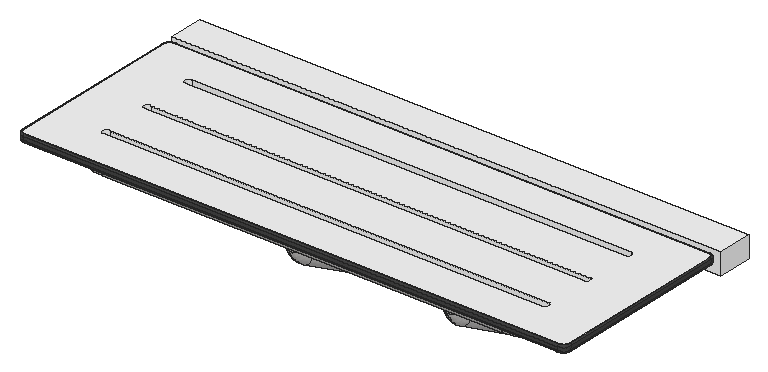
Revit family "Shower Seat_Metlam_Folding_Guide Bracket", category Specialty Equipment, Revit 2016
Family settings
  Part Type = Normal
  Round Connector Dimension = Use Diameter
  OmniClass Number = 23.45.05.14.11.17
  OmniClass Title = Shower/Bath Seats
  Work Plane-Based = No
  Always vertical = Yes
  Cut with Voids When Loaded = No
  Shared = No
  Room Calculation Point = Yes
Parameters (values of type "960w x 400d x 295h (ML994)")
  URL = "http://www.metlam.com.au/"
  Type Comments = "Shower Seats"  # constant formula
  Model = "ML994"
  Material_ANZRS = z_Metlam_White
  Frame_Material = z_Metlam_Metal_Stainless Steel_Satin
  Manufacturer_URL__Product Specific = "https://metlam.com.au/product/content/shower-seats-shower-related/ML994_CL"
  Manufacturer_Spec Code = Model  # "ML994"
  Manufacturer_Overall Width = 960 mm  # constant formula
  Manufacturer_Overall Height = 295 mm  # constant formula
  Manufacturer_Overall Depth = 400 mm  # constant formula
  Manufacturer_Height From FFL [instance] = 475 mm
  Manufacturer = "Metlam"  # constant formula
  Keynote = ""
  Seat Edge_Material = z_Metlam_Black
  Description = "Folding Shower Seat"  # constant formula
  CreatedBy_ANZRS = "IGS BIM Solutions"  # constant formula
  CreatedByURL_ANZRS = "http://www.igsgroup.com.au/"
  Assembly Code = ""
Reference planes
  plane 1 "Ref. Level": z = 0
  plane 2 "Front": y = -620.9
  plane 3 "Center (Left/Right)": x = -194.828
  plane 4 "Top": z = 475
  plane 5 "Right": x = 285.172
  plane 6 "Bottom": z = 180
  plane 7 "Left": x = -674.828
  plane 8 "Back": y = -220.9
  plane 9 "Center (Front/Back)": y = -420.9
Forms (mm)
  Extrusion 1, solid, material "z_Metlam_White" <- "Material_ANZRS"
    sketch origin (0, 0.625, 475) x (-1, 0, 0) y (0, -1, 0)
      loop
        arc (578.106, 359.271) -> (584.63, 365.794) -> (578.106, 372.318) r 6.524
        line (578.106, 372.318) -> (-189.971, 372.318)
        arc (-189.971, 372.318) -> (-196.495, 365.794) -> (-189.971, 359.271) r 6.524
        line (-189.971, 359.271) -> (578.106, 359.271)
      loop
        arc (578.129, 449.264) -> (584.65, 455.785) -> (578.129, 462.306) r 6.521
        line (578.129, 462.306) -> (-189.948, 462.306)
        arc (-189.948, 462.306) -> (-196.469, 455.785) -> (-189.948, 449.264) r 6.521
        line (-189.948, 449.264) -> (578.129, 449.264)
      loop
        arc (578.106, 539.052) -> (584.627, 545.572) -> (578.106, 552.093) r 6.521
        line (578.106, 552.093) -> (-189.971, 552.093)
        arc (-189.971, 552.093) -> (-196.492, 545.572) -> (-189.971, 539.052) r 6.521
        line (-189.971, 539.052) -> (578.106, 539.052)
      loop
        arc (-272.649, 619.025) -> (-279.72, 616.096) -> (-282.649, 609.025) r 10
        line (-282.649, 609.025) -> (-282.649, 303.4)
        arc (-282.649, 303.4) -> (-279.72, 296.328) -> (-272.649, 293.4) r 10
        line (-272.649, 293.4) -> (662.328, 293.4)
        arc (662.328, 293.4) -> (669.399, 296.328) -> (672.328, 303.4) r 10
        line (672.328, 303.4) -> (672.328, 609.025)
        arc (672.328, 609.025) -> (669.399, 616.096) -> (662.328, 619.025) r 10
        line (662.328, 619.025) -> (-272.649, 619.025)
    from -13.021 to 0
  Sweep 2, solid, material "z_Metlam_Metal_Stainless Steel_Satin" <- "Frame_Material"
    path origin (-560.269, 0.218, 10.534) x (0, 0, 1) y (0, -1, 0)
      loop
        line (457.98, 491.071) -> (327.089, 439.738)
        arc (327.089, 439.738) -> (312.559, 430.94) -> (301.812, 417.785) r 50
        line (301.812, 417.785) -> (212.716, 260.085)
    profile origin (-560.269, -465.187, 403.069) x (0, 0.930965, 0.365108) y (1, 0, 0)
      loop
        circle (0, 227.941) r 12.5
  Sweep 3, solid, material "z_Metlam_Metal_Stainless Steel_Satin" <- "Frame_Material"
    path origin (170.613, 0.218, 10.534) x (0, 0, 1) y (0, 1, 0)
      loop
        line (457.98, -491.071) -> (327.089, -439.738)
        arc (327.089, -439.738) -> (312.559, -430.94) -> (301.812, -417.785) r 50
        line (301.812, -417.785) -> (212.716, -260.085)
    profile origin (170.613, -465.187, 403.069) x (0, -0.930965, -0.365108) y (-1, 0, 0)
      loop
        circle (0, 227.941) r 12.5
  Extrusion 4, solid, material "z_Metlam_Metal_Stainless Steel_Satin" <- "Frame_Material"
    sketch origin (-157.328, 0, 24.4) x (0, 0, 1) y (0, 1, 0)
      loop
        line (253.731, -323.479) -> (373.208, -323.479)
        arc (373.208, -323.479) -> (375.946, -322.345) -> (377.081, -319.606) r 3.873
        line (377.081, -319.606) -> (377.081, -227.397)
        arc (377.081, -227.397) -> (378.379, -224.262) -> (381.514, -222.964) r 4.434
        line (381.514, -222.964) -> (400.121, -222.964) -> (400.121, -220.9) -> (381.514, -220.9)
        arc (381.514, -220.9) -> (376.965, -222.784) -> (375.081, -227.333) r 6.434
        line (375.081, -227.333) -> (375.081, -290.618) -> (266.067, -290.618)
        arc (266.067, -290.618) -> (264.133, -290.273) -> (262.437, -289.282) r 5.603
        line (262.437, -289.282) -> (207.132, -242.241)
        arc (207.132, -242.241) -> (202.066, -237.271) -> (197.755, -231.633) r 50
        line (197.755, -231.633) -> (194.226, -226.268)
        arc (194.226, -226.268) -> (188.347, -221.448) -> (180.771, -220.82) r 12.777
        arc (180.771, -220.82) -> (178.068, -221.268) -> (175.331, -221.419) r 25
        line (175.331, -221.419) -> (155.6, -221.419) -> (155.6, -223.212) -> (170.124, -223.212)
        arc (170.124, -223.212) -> (170.667, -223.567) -> (170.877, -224.181) r 1
        line (170.877, -224.181) -> (170.877, -238.876)
        arc (170.877, -238.876) -> (172.168, -245.366) -> (175.844, -250.868) r 16.959
        line (175.844, -250.868) -> (244.959, -319.982)
        arc (244.959, -319.982) -> (249.01, -322.573) -> (253.731, -323.479) r 12.753
    from 0 to 75
  Extrusion 5, solid, material "z_Metlam_White" <- "Material_ANZRS"
    sketch origin (285.172, 0, 0) x (0, 0, 1) y (0, 1, 0)
      loop
        line (475, -280.723) -> (475, -220.9) -> (437.118, -220.9) -> (437.118, -280.723) -> (475, -280.723)
    from 0 to 960
  Extrusion 6, solid, material "z_Metlam_Metal_Stainless Steel_Satin" <- "Frame_Material"
    sketch origin (-157.328, 0, -18.335) x (0, 0, 1) y (0, 1, 0)
      loop
        line (308.496, -290.631) -> (358.318, -290.631) -> (358.318, -256.752) -> (308.496, -256.752) -> (308.496, -290.631)
    from 0 to 75
  Sweep 7, solid, material "z_Metlam_Metal_Stainless Steel_Satin" <- "Frame_Material"
    path origin (0, 0, 475) x (-1, 0, 0) y (0, -1, 0)
      loop
        line (624.828, 280.723) -> (624.828, 505.275)
        arc (624.828, 505.275) -> (601.397, 561.843) -> (544.828, 585.275) r 80
        line (544.828, 585.275) -> (-155.149, 585.275)
        arc (-155.149, 585.275) -> (-211.717, 561.843) -> (-235.149, 505.275) r 80
        line (-235.149, 505.275) -> (-235.149, 280.723)
    profile origin (-624.828, -392.999, 475) x (1, 0, 0) y (0, 0, 1)
      loop
        circle (0, -25.527) r 12.5
  Sweep 8, solid, material "z_Metlam_Black" <- "Seat Edge_Material"
    path in 3D
      loop
        arc (272.649, -618.4, 475) -> (279.72, -615.471, 475) -> (282.649, -608.4, 475) r 10
        line (282.649, -608.4, 475) -> (282.649, -302.775, 475)
        arc (282.649, -302.775, 475) -> (279.72, -295.703, 475) -> (272.649, -292.775, 475) r 10
        line (272.649, -292.775, 475) -> (-662.328, -292.775, 475)
        arc (-662.328, -292.775, 475) -> (-669.399, -295.703, 475) -> (-672.328, -302.775, 475) r 10
        line (-672.328, -302.775, 475) -> (-672.328, -608.4, 475)
        arc (-672.328, -608.4, 475) -> (-669.399, -615.471, 475) -> (-662.328, -618.4, 475) r 10
        line (-662.328, -618.4, 475) -> (272.649, -618.4, 475)
    profile origin (-194.84, -618.4, 475) x (0, 1, 0) y (0, 0, 1)
      loop
        arc (0, 0) -> (-1.811, -1.349) -> (-2.5, -3.5) r 3.7
        line (-2.5, -3.5) -> (-2.5, -9.539)
        arc (-2.5, -9.539) -> (-1.81, -11.674) -> (0, -13) r 3.645
        line (0, -13) -> (0, 0)
  Extrusion 9, void
    sketch origin (-624.828, -392.999, 475) x (1, 0, 0) y (0, 0, 1)
      loop
        circle (451, -60.53) r 4
      loop
        circle (409, -60.53) r 4
      loop
        circle (409, -287.388) r 4.004
      loop
        circle (451, -287.388) r 4.004
    from -178.572 to -159.775
  Sweep 10, solid, material "z_Metlam_Metal_Stainless Steel_Satin" <- "Frame_Material"
    path origin (285.172, -259.886, 223.261) x (0, 0.869822, -0.493366) y (-1, 0, 0)
      loop
        line (0, 617.5) -> (18.116, 617.5)
        arc (18.116, 617.5) -> (27.131, 613.766) -> (30.866, 604.75) r 12.75
        line (30.866, 604.75) -> (30.866, 355.25)
        arc (30.866, 355.25) -> (27.131, 346.234) -> (18.116, 342.5) r 12.75
        line (18.116, 342.5) -> (0, 342.5)
    profile origin (-332.328, -252.007, 218.792) x (-1, 0, 0) y (0, 0.493366, 0.869822)
      loop
        circle (0, 0) r 12.5
Cuts and joins
  Extrusion 9 cuts Extrusion 4
Lines and regions (mm)
  Masking region 1
    outline origin (0, 0, 475) x (-1, 0, 0) y (0, -1, 0)
      loop
        line (674.828, 220.9) -> (674.828, 280.723) -> (637.328, 280.723) -> (637.328, 290.275) -> (662.418, 290.275)
        arc (662.418, 290.275) -> (671.193, 293.909) -> (674.828, 302.685) r 12.41
        line (674.828, 302.685) -> (674.828, 608.507)
        arc (674.828, 608.507) -> (671.199, 617.27) -> (662.436, 620.9) r 12.392
        line (662.436, 620.9) -> (-272.772, 620.9)
        arc (-272.772, 620.9) -> (-281.54, 617.268) -> (-285.172, 608.5) r 12.4
        line (-285.172, 608.5) -> (-285.172, 302.675)
        arc (-285.172, 302.675) -> (-281.54, 293.906) -> (-272.772, 290.275) r 12.4
        line (-272.772, 290.275) -> (-247.649, 290.275) -> (-247.649, 280.723) -> (-285.172, 280.723) -> (-285.172, 220.9) -> (674.828, 220.9)
      loop
        line (612.328, 280.723) -> (612.328, 290.275) -> (232.328, 290.275) -> (232.328, 280.723) -> (612.328, 280.723)
      loop
        line (-189.971, 358.646) -> (578.106, 358.646)
        arc (578.106, 358.646) -> (584.63, 365.169) -> (578.106, 371.693) r 6.524
        line (578.106, 371.693) -> (-189.971, 371.693)
        arc (-189.971, 371.693) -> (-196.495, 365.169) -> (-189.971, 358.646) r 6.524
      loop
        line (-189.948, 448.639) -> (578.129, 448.639)
        arc (578.129, 448.639) -> (584.65, 455.16) -> (578.129, 461.681) r 6.521
        line (578.129, 461.681) -> (-189.948, 461.681)
        arc (-189.948, 461.681) -> (-196.469, 455.16) -> (-189.948, 448.639) r 6.521
      loop
        line (-189.971, 538.427) -> (578.106, 538.427)
        arc (578.106, 538.427) -> (584.627, 544.947) -> (578.106, 551.468) r 6.521
        line (578.106, 551.468) -> (-189.971, 551.468)
        arc (-189.971, 551.468) -> (-196.492, 544.947) -> (-189.971, 538.427) r 6.521
      loop
        line (157.328, 280.723) -> (157.328, 290.275) -> (-222.649, 290.275) -> (-222.649, 280.723) -> (157.328, 280.723)
  sketch lines
    curve 1: line (-662.328, -618.4, 475) -> (272.649, -618.4, 475)
    curve 2: line (282.649, -608.4, 475) -> (282.649, -302.775, 475)
    curve 3: line (272.649, -292.775, 475) -> (-662.328, -292.775, 475)
    curve 4: line (-672.328, -302.775, 475) -> (-672.328, -608.4, 475)
    curve 10: arc (282.649, -608.4, 475) -> (279.72, -615.471, 475) -> (272.649, -618.4, 475) r 10
    curve 11: arc (272.649, -292.775, 475) -> (279.72, -295.703, 475) -> (282.649, -302.775, 475) r 10
    curve 12: arc (-662.328, -618.4, 475) -> (-669.399, -615.471, 475) -> (-672.328, -608.4, 475) r 10
    curve 13: arc (-672.328, -302.775, 475) -> (-669.399, -295.703, 475) -> (-662.328, -292.775, 475) r 10
  symbolic lines, style "Bathroom Fixtures", detail levels medium+fine
    curve 5: line (-637.328, -280.723, 0) -> (-612.328, -280.723, 0)
    curve 6: line (-637.328, -290.275, 0) -> (-612.328, -290.275, 0)
    curve 7: line (222.649, -280.723, 0) -> (247.649, -280.723, 0)
    curve 8: line (222.649, -290.275, 0) -> (247.649, -290.275, 0)
  reference lines
    curve 9: line (285.172, -259.886, 223.261) -> (285.172, -213.598, 197.006)
  symbolic lines, style "Bathroom Fixtures"
    curve 14: line (-232.328, -280.723, 0) -> (-157.328, -280.723, 0)
    curve 15: line (-232.328, -290.275, 0) -> (-157.328, -290.275, 0)
Text (mm)
  text "> Contact Manufacturer to confirm feasibility of design variations outside the scope of this Revit Family\n\n\n\nDisclaimer:\n\nDue to ongoing product development and manufacturing evolution, product details are subject to change without notice. Please refer to product technical data sheets on the manufacturer’s website for the most current product information. Please allow a +/- 5mm manufacturing tolerance for dimensions and set-outs shown in product literature." at (462.132, -184.735, 0), in view "Ref. Level_Instruction"
Dimensions and locks
  "Manufacturer_Overall Width": plane 7 "Left" to plane 5 "Right"
  "Manufacturer_Overall Depth": plane 2 "Front" to plane 8 "Back"
  "Manufacturer_Height From FFL": plane 4 "Top" to level
  equal spacing: plane 2 "Front", plane 9 "Center (Front/Back)", plane 8 "Back"
  equal spacing: plane 7 "Left", plane 3 "Center (Left/Right)", plane 5 "Right"
  "Manufacturer_Overall Height": plane 4 "Top" to plane 6 "Bottom"
  locked: Sweep 7 sketch curve to Extrusion 5 at 25.527
  aligned and locked: level to plane 1 "Ref. Level"
  aligned and locked: plane 4 "Top" to Extrusion 1
  aligned and locked: Extrusion 4 to plane 6 "Bottom"
Automatic sketch dimensions
  Sweep 2 sketch curve to profile plane = 0 mm
  profile plane to Sweep 2 sketch curve = 227.941 mm
  plane 9 "Center (Front/Back)" to Sweep 3 sketch curve = 3.332 mm
  plane 6 "Bottom" to Sweep 3 sketch curve = 132.346 mm
  Sweep 3 sketch curve to plane 9 "Center (Front/Back)" = 18.621 mm
  Sweep 3 sketch curve to Sweep 3 sketch curve = 25.277 mm
  plane 9 "Center (Front/Back)" to Sweep 3 sketch curve = 27.927 mm
  plane 6 "Bottom" to Sweep 3 sketch curve = 43.25 mm
  Sweep 3 sketch curve to plane 4 "Top" = 6.486 mm
  Sweep 3 sketch curve to plane 9 "Center (Front/Back)" = 69.954 mm
  plane 8 "Back" to Sweep 3 sketch curve = 38.968 mm
  profile plane to Sweep 3 sketch curve = 0 mm
  profile plane to Sweep 3 sketch curve = 227.941 mm
  Extrusion 4 sketch curve to plane 6 "Bottom" = 0 mm
  Extrusion 4 sketch curve to plane 8 "Back" = 0 mm
  Extrusion 4 sketch curve to plane 8 "Back" = 3.281 mm
  Extrusion 4 sketch curve to plane 6 "Bottom" = 14.277 mm
  Extrusion 4 sketch curve to Extrusion 4 sketch curve = 0.247 mm
  Extrusion 4 sketch curve to Extrusion 4 sketch curve = 1 mm
  Extrusion 4 sketch curve to plane 8 "Back" = 0.519 mm
  Extrusion 4 sketch curve to Extrusion 4 sketch curve = 4.454 mm
  Extrusion 4 sketch curve to Extrusion 4 sketch curve = 4.967 mm
  Extrusion 4 sketch curve to Extrusion 4 sketch curve = 12.674 mm
  Extrusion 4 sketch curve to Extrusion 4 sketch curve = 4.285 mm
  Extrusion 4 sketch curve to plane 8 "Back" = 5.369 mm
  Extrusion 4 sketch curve to Extrusion 4 sketch curve = 10.674 mm
  Extrusion 4 sketch curve to plane 8 "Back" = 10.734 mm
  Extrusion 4 sketch curve to Extrusion 4 sketch curve = 3.529 mm
  Extrusion 4 sketch curve to plane 8 "Back" = 21.341 mm
  Extrusion 4 sketch curve to Extrusion 4 sketch curve = 9.377 mm
  plane 8 "Back" to Extrusion 4 sketch curve = 16.745 mm
  Extrusion 4 sketch curve to Extrusion 4 sketch curve = 37.827 mm
  Extrusion 4 sketch curve to Extrusion 4 sketch curve = 8.772 mm
  Extrusion 4 sketch curve to Extrusion 4 sketch curve = 8.706 mm
  Extrusion 4 sketch curve to Extrusion 4 sketch curve = 3.63 mm
  plane 4 "Top" to Extrusion 4 sketch curve = 77.392 mm
  Extrusion 4 sketch curve to Extrusion 4 sketch curve = 1.873 mm
  Extrusion 4 sketch curve to Extrusion 4 sketch curve = 2 mm
  Extrusion 4 sketch curve to Extrusion 4 sketch curve = 4.434 mm
  Extrusion 4 sketch curve to Extrusion 4 sketch curve = 0 mm
  Extrusion 4 sketch curve to plane 8 "Back" = 2.064 mm
  Extrusion 4 sketch curve to Extrusion 4 sketch curve = 18.606 mm
  plane 8 "Back" to Extrusion 4 sketch curve = 24.481 mm
  Extrusion 4 sketch curve to plane 8 "Back" = 12.391 mm
  Extrusion 4 sketch curve to Extrusion 4 sketch curve = 5.586 mm
  Extrusion 4 sketch curve to plane 8 "Back" = 64.115 mm
  Extrusion 4 sketch curve to Extrusion 4 sketch curve = 4.268 mm
  Extrusion 4 sketch curve to Extrusion 4 sketch curve = 21.444 mm
  Extrusion 4 sketch curve to Extrusion 4 sketch curve = 28.989 mm
  Extrusion 5 sketch curve to plane 8 "Back" = 0 mm
  plane 4 "Top" to Extrusion 5 sketch curve = 37.882 mm
  Extrusion 5 sketch curve to plane 4 "Top" = 0 mm
  Extrusion 5 sketch curve to plane 8 "Back" = 59.823 mm
  Extrusion 6 sketch curve to plane 8 "Back" = 35.852 mm
  Extrusion 6 sketch curve to plane 6 "Bottom" = 110.161 mm
  Extrusion 6 sketch curve to Extrusion 6 sketch curve = 49.822 mm
  Extrusion 6 sketch curve to Extrusion 6 sketch curve = 33.88 mm
  plane 5 "Right" to Sweep 7 sketch curve = 50.023 mm
  Sweep 7 sketch curve to Sweep 7 sketch curve = 80 mm
  Sweep 7 sketch curve to plane 9 "Center (Front/Back)" = 84.375 mm
  plane 7 "Left" to Sweep 7 sketch curve = 130 mm
  plane 7 "Left" to Sweep 7 sketch curve = 50 mm
  plane 8 "Back" to Sweep 7 sketch curve = 59.823 mm  (x2)
  profile plane to Sweep 7 sketch curve = 0 mm
  Sweep 8 sketch curve to profile plane = 0 mm  (x2)
  profile plane to Sweep 8 sketch curve = 2.5 mm
  Sweep 8 sketch curve to profile plane = 1.145 mm
  Sweep 8 sketch curve to profile plane = 1.2 mm
  Sweep 8 sketch curve to Sweep 8 sketch curve = 6.039 mm
  Extrusion 9 sketch curve to plane 3 "Center (Left/Right)" = 21 mm  (x2)
  plane 6 "Bottom" to Extrusion 9 sketch curve = 7.612 mm  (x2)
  plane 3 "Center (Left/Right)" to Extrusion 9 sketch curve = 21 mm  (x2)
  Extrusion 9 sketch curve to plane 4 "Top" = 60.53 mm
  Extrusion 9 sketch curve to Extrusion 9 sketch curve = 0 mm
  Sweep 10 sketch curve to profile plane = 0 mm
  profile plane to Sweep 10 sketch curve = 0 mm
  plane 8 "Back" to curve 9 = 7.302 mm
  curve 9 to plane 6 "Bottom" = 17.006 mm
  curve 9 to plane 6 "Bottom" = 43.261 mm
  curve 9 to plane 8 "Back" = 38.987 mm
  plane 5 "Right" to Extrusion 1 sketch curve = 2.523 mm
  plane 2 "Front" to Extrusion 1 sketch curve = 2.5 mm
  plane 5 "Right" to Extrusion 1 sketch curve = 12.523 mm  (x2)
  plane 5 "Right" to Extrusion 1 sketch curve = 95.201 mm  (x2)
  Extrusion 1 sketch curve to Extrusion 1 sketch curve = 0.023 mm  (x2)
  plane 9 "Center (Front/Back)" to Extrusion 1 sketch curve = 62.254 mm
  plane 7 "Left" to Extrusion 1 sketch curve = 96.722 mm  (x2)
  plane 7 "Left" to Extrusion 1 sketch curve = 12.5 mm  (x2)
  plane 7 "Left" to Extrusion 1 sketch curve = 2.5 mm
  plane 8 "Back" to Extrusion 1 sketch curve = 81.875 mm
  Extrusion 1 sketch curve to Extrusion 1 sketch curve = 6.524 mm
  Extrusion 1 sketch curve to Extrusion 1 sketch curve = 76.746 mm
  Extrusion 1 sketch curve to Extrusion 1 sketch curve = 6.521 mm  (x2)
  plane 9 "Center (Front/Back)" to Sweep 2 sketch curve = 3.332 mm
  Sweep 2 sketch curve to plane 9 "Center (Front/Back)" = 18.621 mm
  Sweep 2 sketch curve to Sweep 2 sketch curve = 25.277 mm
  plane 9 "Center (Front/Back)" to Sweep 2 sketch curve = 27.927 mm
  plane 6 "Bottom" to Sweep 2 sketch curve = 43.25 mm
  plane 8 "Back" to Sweep 2 sketch curve = 38.968 mm
  plane 6 "Bottom" to Sweep 2 sketch curve = 132.346 mm
  Sweep 2 sketch curve to plane 4 "Top" = 6.486 mm
  Sweep 2 sketch curve to plane 9 "Center (Front/Back)" = 69.954 mm
  curve 9 to Sweep 10 sketch curve = 18.116 mm  (x2)
  Sweep 10 sketch curve to Sweep 10 sketch curve = 12.75 mm
  curve 9 to Sweep 10 sketch curve = 342.5 mm
  curve 9 to Sweep 10 sketch curve = 604.75 mm
  curve 9 to Sweep 10 sketch curve = 0 mm  (x2)
  Masking region 1 sketch curve to plane 5 "Right" = 0 mm  (x2)
  Masking region 1 sketch curve to plane 2 "Front" = 0 mm
  Masking region 1 sketch curve to plane 7 "Left" = 0 mm  (x2)
  plane 8 "Back" to Masking region 1 sketch curve = 0 mm
  plane 5 "Right" to Masking region 1 sketch curve = 12.4 mm  (x2)
  Masking region 1 sketch curve to Masking region 1 sketch curve = 25.123 mm
  Masking region 1 sketch curve to Masking region 1 sketch curve = 25 mm  (x2)
  plane 5 "Right" to Masking region 1 sketch curve = 95.201 mm
  Masking region 1 sketch curve to Masking region 1 sketch curve = 32.678 mm
  Masking region 1 sketch curve to Masking region 1 sketch curve = 0.023 mm  (x2)
  plane 3 "Center (Left/Right)" to Masking region 1 sketch curve = 37.5 mm
  Masking region 1 sketch curve to plane 3 "Center (Left/Right)" = 37.5 mm
  plane 7 "Left" to Masking region 1 sketch curve = 96.722 mm
  plane 7 "Left" to Masking region 1 sketch curve = 62.5 mm
  plane 7 "Left" to Masking region 1 sketch curve = 12.41 mm
  plane 7 "Left" to Masking region 1 sketch curve = 12.392 mm
  plane 8 "Back" to Masking region 1 sketch curve = 59.823 mm  (x3)
  Masking region 1 sketch curve to Masking region 1 sketch curve = 0 mm
  Masking region 1 sketch curve to Masking region 1 sketch curve = 9.552 mm  (x4)
  Masking region 1 sketch curve to Masking region 1 sketch curve = 6.524 mm
  Masking region 1 sketch curve to Masking region 1 sketch curve = 6.521 mm
  Masking region 1 sketch curve to Masking region 1 sketch curve = 34.222 mm
  Masking region 1 sketch curve to plane 9 "Center (Front/Back)" = 34.26 mm
  plane 9 "Center (Front/Back)" to Masking region 1 sketch curve = 55.73 mm
  Masking region 1 sketch curve to Masking region 1 sketch curve = 76.746 mm
  Masking region 1 sketch curve to Masking region 1 sketch curve = 13.041 mm
  plane 7 "Left" to curve 5 = 37.5 mm
  plane 8 "Back" to curve 8 = 69.375 mm
  curve 5 to curve 6 = 0 mm  (x2)
  curve 6 to curve 6 = 25 mm
  curve 14 to plane 3 "Center (Left/Right)" = 37.5 mm
  curve 15 to curve 14 = 0 mm
  plane 3 "Center (Left/Right)" to curve 15 = 37.5 mm
  curve 14 to curve 15 = 0 mm
  plane 5 "Right" to curve 8 = 62.523 mm
  curve 8 to curve 7 = 0 mm  (x2)
  curve 8 to curve 8 = 25 mm
  plane 8 "Back" to curve 15 = 69.375 mm
  plane 8 "Back" to curve 6 = 69.375 mm
  curve 8 to curve 7 = 9.552 mm
  curve 15 to curve 14 = 9.552 mm
  curve 6 to curve 5 = 9.552 mm
  Extrusion 1 sketch curve to plane 9 "Center (Front/Back)" = 27.74 mm
  radius of Sweep 2 sketch curve = 12.5 mm
  radius of Sweep 3 sketch curve = 12.5 mm
  radius of Sweep 7 sketch curve = 12.5 mm
  radius of Extrusion 9 sketch curve = 4 mm  (x2)
  radius of Extrusion 9 sketch curve = 4.004 mm  (x2)
  radius of Sweep 10 sketch curve = 12.5 mm
